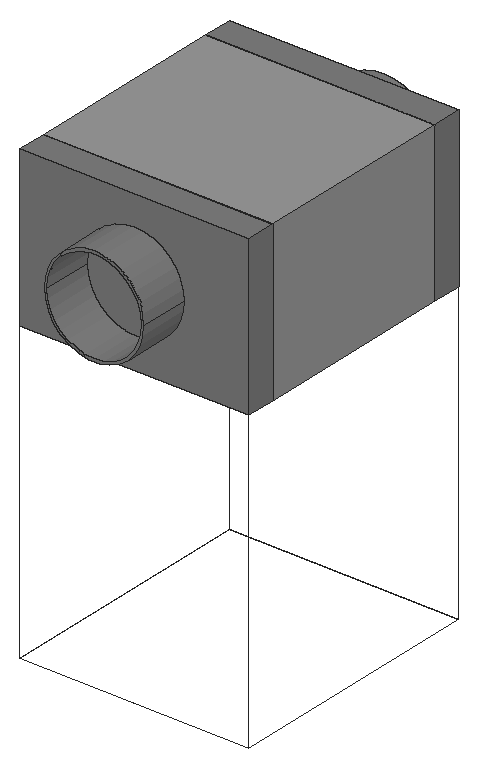
Revit family "sf_filter", category Duct Accessories, Revit 2015
Parameters (values of type "SF-100")
  Width = 230 mm
  Weight = 3.00 kg
  Unit Description = "G4 Panel Filter Cassette"
  Spigot ID = Spigot Diameter - 5 mm  # 95 mm
  Spigot Diameter = 100 mm
  Show Access Clearance [instance] = yes
  Revit Family Last Revised = "31/10/18"
  OmniClass Title = "Fans"  # constant formula
  OmniClass Number = "23-33 31 19"  # constant formula
  Nuaire Model Code = "SF-100"
  Model Drawn by = "Michael Grote"  # constant formula
  URL = "http://www.nuaire.co.uk"
  Weatherproof or Internal Only = "Internal"
  Manufacturer Name = "Nuaire"  # constant formula
  Manufacturer = Manufacturer Name  # "Nuaire"
  Length = 264 mm
  IFCExportAs = "IfcFanType"  # constant formula
  Height = 159 mm
  Description = Unit Description  # "G4 Panel Filter Cassette"
  Classification.Uniclass.Pr.Number = "Pr_65_67_29"  # constant formula
  Classification.Uniclass.Pr.Description = "Fans"  # constant formula
  Address = "Western Industrial Estate, Caerphilly, UK"  # constant formula
  Postcode = "CF83 1NA"  # constant formula
  Telephone Number = "+44(0)2920-858-200"  # constant formula
  Fax Number = "+44(0)2920-858-222"  # constant formula
  Email Address = "info@nuaire.co.uk"  # constant formula
  VAT Registration Number = "877308"  # constant formula
  Model = Nuaire Model Code  # "SF-100"
  Spigot Radius = Spigot Diameter / 2  # 50 mm
Types (7, lengths in mm): name | Width | Weight | Spigot ID | Spigot Diameter | Revit Family Last Revised | Nuaire Model Code | Height | Model | Spigot Radius
  SF-100 | 230 | 3.00 kg | 95 | 100 | "31/10/18" | "SF-100" | 159 | "SF-100" | 50
  SF-125 | 230 | 3.00 kg | 120 | 125 | "25/07/16" | "SF-125" | 159 | "SF-125" | 62.5
  SF-150 | 300 | 3.50 kg | 145 | 150 | "25/07/16" | "SF-150" | 184 | "SF-150" | 75
  SF-200 | 350 | 4.00 kg | 195 | 200 | "25/07/16" | "SF-200" | 234 | "SF-200" | 100
  SF-250 | 350 | 6.00 kg | 245 | 250 | "25/07/16" | "SF-250" | 284 | "SF-250" | 125
  SF-315 | 400 | 7.50 kg | 310 | 315 | "25/07/16" | "SF-315" | 349 | "SF-315" | 157.5
  SF-400 | 700 | 9.00 kg | 395 | 400 | "25/07/16" | "SF-400" | 475 | "SF-400" | 200
Reference planes
  plane 1 "Center (Front/Back)": y = 0
  plane 2: z = 0
  plane 3 "Center (Left/Right)": x = 0
  plane 4: x = 115
  plane 5: x = -115
  plane 6: y = 132
  plane 7: y = -132
  plane 8: z = 159
  plane 9: z = 79.5
  plane 10: y = 182
  plane 11: y = -182
Forms (mm)
  Extrusion 1, solid, material "Aluzinc"
    sketch origin (0, 19.051, 0) x (1, 0, 0) y (0, 1, 0)
      loop
        line (-115, 82.949) -> (-115, -121.051) -> (115, -121.051) -> (115, 82.949) -> (-115, 82.949)
    from 0 to 159
  Extrusion 2, solid, material "Black Plastic"
    sketch origin (0, 0, 0) x (1, 0, 0) y (0, 0, 1)
      loop
        circle (0, 79.5) r 50
      loop
        circle (0, 79.5) r 47.5
    from 132 to 182
  Extrusion 3, solid, material "Black Plastic"
    sketch origin (0, 1325, 0) x (1, 0, 0) y (0, 0, 1)
      loop
        circle (0, 79.5) r 50
      loop
        circle (0, 79.5) r 47.5
    from 1143 to 1193
  Extrusion 4, solid, material "Black Plastic"
    sketch origin (0, 0, 0) x (1, 0, 0) y (0, 1, 0)
      loop
        line (-115, 132) -> (-115, 102) -> (115, 102) -> (115, 132) -> (-115, 132)
    from 0 to 159
  Extrusion 5, solid, material "Black Plastic"
    sketch origin (0, 0, 0) x (1, 0, 0) y (0, 1, 0)
      loop
        line (-115, -132) -> (115, -132) -> (115, -102) -> (-115, -102) -> (-115, -132)
    from 0 to 159
Dimensions and locks
  equal spacing: plane 5, plane 3 "Center (Left/Right)", plane 4
  "Width": plane 5 to plane 4
  equal spacing: plane 6, plane 1 "Center (Front/Back)", plane 7
  "Length": plane 6 to plane 7
  equal spacing: plane 8, plane 9, plane 2
  "Height": plane 8 to plane 2
  locked: plane 10 to plane 6 at 50
  locked: plane 11 to plane 7 at 50
  locked: plane 7 to Extrusion 5 sketch curve at 30
  locked: plane 6 to Extrusion 1 at 30
  locked: plane 7 to Extrusion 5 at 30
  "Spigot Diameter": diameter of Extrusion 2 sketch curve
  diameter of Extrusion 2 sketch curve = 95 mm
  "Spigot Diameter": diameter of Extrusion 3 sketch curve
  diameter of Extrusion 3 sketch curve = 95 mm
  "Spigot ID": diameter of Extrusion 2 sketch curve
  "Spigot ID": diameter of Extrusion 3 sketch curve
  aligned and locked: level to plane 2
  aligned and locked: Extrusion 1 sketch curve to plane 5
  aligned and locked: Extrusion 1 sketch curve to plane 4
  aligned and locked: Extrusion 1 to level
  aligned and locked: plane 8 to Extrusion 1
  aligned and locked: level to Extrusion 1
  aligned and locked: plane 11 to Extrusion 2
  aligned and locked: Extrusion 2 to plane 7
  aligned and locked: Extrusion 3 to plane 6
  aligned and locked: plane 10 to Extrusion 3
  aligned and locked: Extrusion 1 to Extrusion 4
  aligned and locked: plane 7 to Extrusion 5 sketch curve
  aligned and locked: plane 5 to Extrusion 5 sketch curve
  aligned and locked: plane 4 to Extrusion 5 sketch curve
  aligned and locked: Extrusion 1 to Extrusion 5
  aligned and locked: Extrusion 5 to level
  aligned and locked: Extrusion 4 to level
  aligned and locked: plane 8 to Extrusion 4
  aligned and locked: plane 8 to Extrusion 5
  aligned and locked: plane 6 to nested 1
  aligned and locked: plane 5 to nested 1
  aligned and locked: nested 1 to nested 2
  aligned and locked: plane 3 "Center (Left/Right)" to nested 2
Automatic sketch dimensions
  Extrusion 4 sketch curve to plane 5 = 0 mm
  Extrusion 4 sketch curve to plane 4 = 0 mm
  Extrusion 4 sketch curve to plane 6 = 0 mm
  Extrusion 4 sketch curve to plane 6 = 30 mm
  Extrusion 1 sketch curve to plane 6 = 30 mm
  Extrusion 1 sketch curve to plane 7 = 30 mm
  Extrusion 2 sketch curve to Extrusion 2 sketch curve = 0 mm  (x2)
  Extrusion 2 sketch curve to plane 3 "Center (Left/Right)" = 0 mm
  Extrusion 2 sketch curve to plane 9 = 0 mm
  Extrusion 3 sketch curve to Extrusion 3 sketch curve = 0 mm  (x2)
  Extrusion 3 sketch curve to plane 3 "Center (Left/Right)" = 0 mm
  Extrusion 3 sketch curve to plane 9 = 0 mm
Nested families
  nested 1: "access_clearance2" at (0, 0, 0) x (1, 0, 0) z (0, 0, -1), visible <- "Show Access Clearance", type "access_clearance2"
    with Width 230 mm, Length 264 mm
  nested 2: "label_nuaire_logo" at (0, 0, 159) x (0, 1, 0) z (0, 0, 1), type "label_nuaire_logo"
    with Scale Factor 452 mm, Actual Scale 158.2 mm
Connectors
  hvac at (0, -182, 79.5), driven by "Spigot Radius"
    settings: on Extrusion 2, index 1, duct flow 0.0 L/s, flow factor 0, pres drop 0.0 Pa, loss coef 0, conn angle 0.00°, conn width 304.8 mm, conn height 304.8 mm, conn diameter 100 mm, duct sys type 28, conn prof type 0, flow config 0, flow direction 0, loss method 0, conn ref index -1, conn util no, is conn primary yes, conn desc ""
  hvac at (0, 182, 79.5), driven by "Spigot Radius"
    settings: on Extrusion 3, index 3, duct flow 0.0 L/s, flow factor 0, pres drop 0.0 Pa, loss coef 0, conn angle 0.00°, conn width 304.8 mm, conn height 304.8 mm, conn diameter 100 mm, duct sys type 28, conn prof type 0, flow config 0, flow direction 0, loss method 0, conn ref index -1, conn util no, is conn primary no, conn desc ""
Definition of nested family "access_clearance2"
  Parameters
    Width = 334 mm
    URL = "http://www.nuaire.co.uk"
    Manufacturer = Manufacturer Name  # "Nuaire Group"
    Length = 745 mm
    Height = 300 mm
    Description = "Fan"
    Manufacturer Name = "Nuaire Group"  # constant formula
    Address = "Western Industrial Estate, Caerphilly, UK"  # constant formula
    Postcode = "CF83 1NA"  # constant formula
    Telephone Number = "+44(0)2920-858-200"  # constant formula
    Fax Number = "+44(0)2920-858-222"  # constant formula
    Email Address = "info@nuaire.co.uk"  # constant formula
    VAT Registration Number = "877308"  # constant formula
    Model = "AVT"
  Reference planes
    plane 1 "Center (Front/Back)": y = 0
    plane 2: z = 0
    plane 3 "Center (Left/Right)": x = 0
    plane 4: x = 167
    plane 5: x = -167
    plane 6: y = 372.5
    plane 7: y = -372.5
    plane 8: z = 300
  Forms (mm)
    Extrusion 1, solid
      sketch origin (0, 0, 0) x (1, 0, 0) y (0, 1, 0)
        loop
          line (-167, 372.5) -> (-167, -372.5) -> (167, -372.5) -> (167, 372.5) -> (-167, 372.5)
      from 0 to 300
  Dimensions and locks
    equal spacing: plane 5, plane 3 "Center (Left/Right)", plane 4
    "Width": plane 5 to plane 4
    equal spacing: plane 6, plane 1 "Center (Front/Back)", plane 7
    "Length": plane 6 to plane 7
    "Height": plane 8 to plane 2
    aligned and locked: level to plane 2
    aligned and locked: Extrusion 1 sketch curve to plane 6
    aligned and locked: Extrusion 1 sketch curve to plane 5
    aligned and locked: Extrusion 1 sketch curve to plane 7
    aligned and locked: Extrusion 1 sketch curve to plane 4
    aligned and locked: plane 8 to Extrusion 1
Definition of nested family "label_nuaire_logo"
  Parameters
    Scale Factor [instance] = Scale * 452  # 452 mm
    Scale = 1 mm
    Actual Scale [instance] = Scale Factor * 0.35  # 158.2 mm
  Reference planes
    plane 1 "Center (Front/Back)": y = 0
    plane 2: z = 0
    plane 3 "Center (Left/Right)": x = 0
  Lines and regions (mm)
    reference lines
      curve 1: line (79.1, -32.13, 0) -> (79.1, 30, 0)
      curve 2: line (-79.1, -32.13, 0) -> (-79.1, 30, 0)
  Dimensions and locks
    equal spacing: curve 2, plane 3 "Center (Left/Right)", curve 1
    "Actual Scale": curve 2 to curve 1
    aligned and locked: level to plane 2
  Automatic sketch dimensions
    plane 1 "Center (Front/Back)" to curve 2 = 32.13 mm
    plane 1 "Center (Front/Back)" to curve 1 = 32.13 mm
    curve 2 to plane 1 "Center (Front/Back)" = 30 mm
    curve 1 to plane 1 "Center (Front/Back)" = 30 mm
  Nested families
    nested 1: "logo_stage2" at (10, 0, 0), type "logo_stage2"
  Definition of nested family "logo_stage2"
    Parameters
      Height = 452 mm
    Reference planes
      plane 1 "Center (Front/Back)": y = 0
      plane 2: z = 0
      plane 3 "Center (Left/Right)": x = 0
    Dimensions and locks
      aligned and locked: level to plane 2
    Nested families
      nested 1: "logo_stage1" at (0, 0, 0), type "logo_stage1"
    Definition of nested family "logo_stage1"
      Parameters
        Height = 1300 mm
      Reference planes
        plane 1 "Center (Front/Back)": y = 0
        plane 2: z = 0
        plane 3 "Center (Left/Right)": x = 0
      Lines and regions (mm)
        model lines
          curve 1: arc (7.927, 29.489, 0) -> (-47.363, 58.16, 0) -> (-106.604, 77.382, 0) r 378.77
          curve 2: arc (-106.604, 77.382, 0) -> (-163.216, 86.224, 0) -> (-220.277, 81.007, 0) r 233.393
          curve 3: arc (-246.965, 20.991, 0) -> (-215.043, -15.792, 0) -> (-174.42, -42.657, 0) r 179.785
          curve 4: arc (-174.42, -42.657, 0) -> (-107.072, -70.342, 0) -> (-36.955, -89.99, 0) r 623.693
          curve 5: arc (-36.955, -89.99, 0) -> (-105.996, -69.023, 0) -> (-170.812, -37.319, 0) r 451.207
          curve 6: arc (-170.812, -37.319, 0) -> (-200.304, -16.562, 0) -> (-226.197, 8.542, 0) r 230.474
          curve 7: arc (-206.815, 72.232, 0) -> (-163.659, 78.527, 0) -> (-120.226, 74.571, 0) r 185.468
          curve 8: arc (-120.226, 74.571, 0) -> (-54.126, 57.782, 0) -> (7.927, 29.489, 0) r 381.393
          curve 9: line (-161.219, -24.259, 0) -> (-141.514, -24.259, 0)
          curve 10: line (-141.514, -24.259, 0) -> (-136.798, 0, 0)
          curve 11: arc (-136.798, 0, 0) -> (-133.437, 8.115, 0) -> (-125.322, 11.477, 0) r 11.477
          curve 12: arc (-125.322, 11.477, 0) -> (-118.479, 7.762, 0) -> (-117.869, 0, 0) r 8.158
          curve 13: line (-117.869, 0, 0) -> (-122.146, -24.259, 0)
          curve 14: line (-122.146, -24.259, 0) -> (-102.441, -24.259, 0)
          curve 15: line (-102.441, -24.259, 0) -> (-97.309, 4.849, 0)
          curve 16: arc (-97.309, 4.849, 0) -> (-99.379, 18.095, 0) -> (-110.885, 24.977, 0) r 15.794
          curve 17: arc (-110.885, 24.977, 0) -> (-122.995, 23.787, 0) -> (-133.701, 18.002, 0) r 30.821
          curve 18: line (-133.701, 18.002, 0) -> (-132.598, 24.255, 0)
          curve 19: line (-161.219, -24.259, 0) -> (-152.664, 24.255, 0)
          curve 20: line (-152.664, 24.255, 0) -> (-132.598, 24.255, 0)
          curve 21: line (-80.79, 24.255, 0) -> (-86.175, -3.448, 0)
          curve 22: arc (-86.175, -3.448, 0) -> (-83.467, -16.761, 0) -> (-72.138, -24.259, 0) r 17.751
          curve 23: arc (-72.138, -24.259, 0) -> (-59.938, -25.434, 0) -> (-47.739, -24.259, 0) r 63.934
          curve 24: arc (-47.739, -24.259, 0) -> (-34.611, -17.57, 0) -> (-27.023, -4.941, 0) r 26.727
          curve 25: line (-27.023, -4.941, 0) -> (-21.348, 24.255, 0)
          curve 26: line (-21.348, 24.255, 0) -> (-41.053, 24.255, 0)
          curve 27: line (-41.053, 24.255, 0) -> (-46.093, -1.676, 0)
          curve 28: arc (-46.093, -1.676, 0) -> (-50.186, -8.91, 0) -> (-57.808, -12.224, 0) r 13.097
          curve 29: arc (-57.808, -12.224, 0) -> (-64.693, -9.158, 0) -> (-65.742, -1.695, 0) r 7.773
          curve 30: line (-65.742, -1.695, 0) -> (-61.166, 24.255, 0)
          curve 31: line (-61.166, 24.255, 0) -> (-80.79, 24.255, 0)
          curve 32: arc (31.54, 19.236, 0) -> (16.208, 25.528, 0) -> (0, 22.075, 0) r 28.07
          curve 33: arc (0, 22.075, 0) -> (-10.88, 12.774, 0) -> (-17.338, 0, 0) r 36.434
          curve 34: arc (-17.338, 0, 0) -> (-15.613, -14.796, 0) -> (-4.047, -24.183, 0) r 19.761
          curve 35: arc (-4.047, -24.183, 0) -> (10.741, -24.948, 0) -> (24.166, -18.699, 0) r 30.688
          curve 36: line (24.166, -18.699, 0) -> (23.117, -24.098, 0)
          curve 37: line (23.117, -24.098, 0) -> (43.271, -24.098, 0)
          curve 38: line (43.271, -24.098, 0) -> (51.797, 24.255, 0)
          curve 39: line (51.797, 24.255, 0) -> (32.515, 24.255, 0)
          curve 40: line (32.515, 24.255, 0) -> (31.54, 19.236, 0)
          curve 41: arc (27.176, -3.213, 0) -> (27.314, 5.536, 0) -> (19.984, 10.314, 0) r 9.053
          curve 42: arc (19.984, 10.314, 0) -> (10.965, 8.578, 0) -> (4.044, 2.54, 0) r 17.627
          curve 43: arc (4.044, 2.54, 0) -> (3.437, -5.353, 0) -> (9.873, -9.961, 0) r 8.063
          curve 44: arc (9.873, -9.961, 0) -> (19.716, -9.642, 0) -> (27.176, -3.213, 0) r 14.789
          curve 45: line (64.987, 24.255, 0) -> (85.001, 24.255, 0)
          curve 46: line (85.001, 24.255, 0) -> (76.475, -24.098, 0)
          curve 47: line (76.475, -24.098, 0) -> (56.461, -24.098, 0)
          curve 48: line (56.461, -24.098, 0) -> (64.987, 24.255, 0)
          curve 49: line (97.733, 24.255, 0) -> (117.438, 24.255, 0)
          curve 50: line (117.438, 24.255, 0) -> (116.079, 16.546, 0)
          curve 51: arc (116.079, 16.546, 0) -> (127.306, 23.283, 0) -> (140.3, 24.886, 0) r 31.571
          curve 52: line (140.3, 24.886, 0) -> (137.316, 7.965, 0)
          curve 53: arc (137.316, 7.965, 0) -> (129.144, 9.507, 0) -> (120.972, 7.965, 0) r 22.429
          curve 54: arc (120.972, 7.965, 0) -> (114.704, 2.976, 0) -> (112.337, -4.677, 0) r 13.585
          curve 55: line (112.337, -4.677, 0) -> (108.912, -24.098, 0)
          curve 56: line (108.912, -24.098, 0) -> (89.207, -24.098, 0)
          curve 57: line (89.207, -24.098, 0) -> (97.733, 24.255, 0)
          curve 58: arc (93.618, 47.57, 0) -> (74.854, 53.038, 0) -> (55.359, 51.64, 0) r 55.33
          curve 59: arc (93.618, 47.57, 0) -> (97.282, 41.659, 0) -> (93.618, 35.747, 0) r 6.601
          curve 60: arc (93.618, 35.747, 0) -> (84.065, 32.23, 0) -> (73.978, 30.85, 0) r 47.065
          curve 61: arc (73.978, 30.85, 0) -> (80.846, 32.41, 0) -> (86.601, 36.47, 0) r 18.116
          curve 62: arc (86.601, 36.47, 0) -> (88.036, 41.905, 0) -> (84.218, 46.03, 0) r 5.836
          curve 63: arc (84.218, 46.03, 0) -> (70.224, 51.08, 0) -> (55.359, 51.64, 0) r 48.391
          curve 64: line (157.905, -2.864, 0) -> (199.286, -2.864, 0)
          curve 65: arc (199.286, -2.864, 0) -> (197.145, 14.652, 0) -> (182.34, 24.255, 0) r 20.852
          curve 66: arc (182.34, 24.255, 0) -> (165.366, 23.801, 0) -> (149.457, 17.863, 0) r 51.614
          curve 67: arc (149.457, 17.863, 0) -> (140.348, 5.451, 0) -> (139.348, -9.912, 0) r 27.469
          curve 68: arc (139.348, -9.912, 0) -> (144.958, -19.523, 0) -> (155.103, -24.098, 0) r 18.276
          curve 69: arc (155.103, -24.098, 0) -> (178.591, -23.478, 0) -> (196.981, -8.856, 0) r 37.046
          curve 70: line (196.981, -8.856, 0) -> (178.291, -8.856, 0)
          curve 71: arc (178.291, -8.856, 0) -> (168.439, -13.819, 0) -> (158.586, -8.856, 0) r 12.261
          curve 72: arc (158.586, -8.856, 0) -> (157.442, -5.951, 0) -> (157.905, -2.864, 0) r 6.023
          curve 73: line (199.286, -2.864, 0) -> (157.905, -2.864, 0)
          curve 74: line (159.772, 7.114, 0) -> (183.418, 7.114, 0)
          curve 75: arc (183.418, 7.114, 0) -> (171.595, 14.487, 0) -> (159.772, 7.114, 0) r 13.165
          curve 76: arc (-206.815, 72.232, 0) -> (-234.166, 45.761, 0) -> (-226.197, 8.542, 0) r 39.242
          curve 77: arc (-220.277, 81.007, 0) -> (-248.829, 57.762, 0) -> (-246.965, 20.991, 0) r 40.723
      Dimensions and locks
        aligned and locked: level to plane 2
